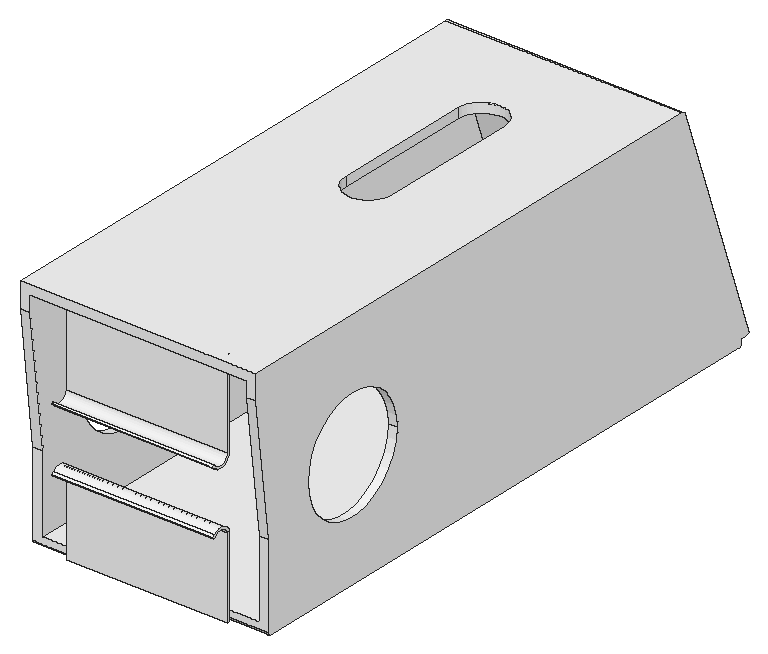
Revit family "NBS_DudleyIndustries_TltPprBulkDpnsrs_PlasmaRange_ToiletPaperDispenser", category Specialty Equipment, host Face, Revit 2016
Family settings
  Host = Face
  Part Type = Normal
  Round Connector Dimension = Use Diameter
  OmniClass Number = 23.40.20.21.21
  OmniClass Title = Toilet Paper Dispensers
  Cut with Voids When Loaded = No
  Shared = No
  Room Calculation Point = No
Parameters (values of type "PlasmaRangeToiletPaperDispenser")
  WarrantyStartDate [instance] = "1900-12-31T23:59:59"
  WarrantyGuarantorParts = "sales@dudleyindustries.com"
  WarrantyGuarantorLabor = "n/a"
  WarrantyDurationUnit = "year"
  WarrantyDurationParts = "1"
  WarrantyDurationLabor = "n/a"
  WarrantyDescription = "1 year warranty"
  Version = "2"  # constant formula
  Uniclass2015Version = "Products v1.7"
  Uniclass2015Title = "Toilet paper dispensers"
  Uniclass2015Code = "Pr_40_70_22_90"
  TagNumber [instance] = "n/a"
  SustainabilityPerformance = "n/a"
  Style = "n/a"
  Size = "126 x 330mm x 129mm"
  Shape = "n/a"
  SerialNumber [instance] = "n/a"
  Revision = "n/a"
  ReplacementCost = "n/a"
  ProductInformation = "www.dudleyindustries.com/wp-content/uploads/2016/11/2-Roll-Toilet-Paper-Dispenser.pdf"
  Operation = "Pull out"
  NominalWidth = 126 mm  # constant formula
  NominalLength = 126 mm  # constant formula
  NominalHeight = 330 mm  # constant formula
  NominalDepth = 129 mm  # constant formula
  Name = "ToiletPaperBulkDispensers_PlasmaRange_ToiletPaperDispenser_DudleyIndustries"
  NBSTypeID = "n/a"
  NBSReference = "45-35-72/366"
  NBSOfficeMasterTag = "n/a"
  NBSNote = "n/a"
  NBSDescription = "Toilet paper bulk dispensers"
  NBSCertification = "www.nationalbimlibrary.com/cert/q1kudjmj"
  ModelReference = "Plasma Range: Toilet Paper Dispenser"
  ModelNumber = "77972"
  MaterialsFinishColour = "Brushed (77972SS), Polished (77972PS), White Powder Coated (77972WH)"
  MaterialsBody = "Stainless steel"
  Material = "Stainless Steel"
  ManufacturerURL = "www.dudleyindustries.com/"
  ManufacturerName = "Dudley Industries"  # constant formula
  Manufacturer = "sales@dudleyindustries.com"
  MainColor = "Stainless Steel"
  IntegralAccessories = "n/a"
  InstallationDate [instance] = "1900-12-31T23:59:59"
  IfcExportType = "NOTDEFINED"  # constant formula
  IfcExportAs = "IfcFurnitureType"  # constant formula
  Grade = "n/a"
  Form = "Wall mounted"
  Finish = "Brushed (77972SS), Polished (77972PS), White Powder Coated (77972WH)"
  Features = "n/a"
  ExpectedLife = "5"
  EnvironmentalProductDeclaration = "n/a"
  DurationUnit = "year"
  DispenserLockMaterial = NBS_Concept
  DispenserCaseMaterial = NBS_Concept
  Description = "Stylish brushed stainless steel 2 Roll toilet paper dispenser"
  Default Elevation = 1200 mm
  Constituents = "n/a"
  Color = "Stainless steel"
  CodePerformance = "n/a"
  Category = "Pr_40_70_22_90:Toilet paper dispensers"
  BarCode [instance] = "n/a"
  BIMObjectName = "NBS_DudleyIndustries_ToiletPaperBulkDispensers_PlasmaRange_ToiletPaperDispenser"
  Author = "NBS"  # constant formula
  AssetType = "Fixed"
  AssetIdentifier [instance] = "n/a"
  AccessibilityPerformance = "n/a"
Reference planes
  plane 1 "Center (Front/Back)": y = 0
  plane 2: z = 0
  plane 3 "Center (Left/Right)": x = 0
  plane 4: y = -165
  plane 5: y = 165
  plane 6: x = -63
  plane 7: x = 63
  plane 8: z = 129
  plane 9: y = -163.146
  plane 10: through (-63, -161.002, 98.396) normal (0, 0.9925, 0.1219)
  plane 11: y = -154.572
  plane 12: through (-63, 135.612, 90.009) normal (0, 0.9455, 0.3256)
  plane 13: y = -163.146
  plane 14: through (-63, -162.017, 106.668) normal (0, 0.9925, 0.1219)
  plane 15: y = -154.572
  plane 16: through (-63, 135.806, 89.446) normal (0, 0.9455, 0.3256)
  plane 17: y = 160.228
  plane 18: z = 3.707
  plane 19: through (-63, 163.269, 4.015) normal (0, -0.3256, 0.9455)
  plane 20: z = 62.019
  plane 21: y = -98.772
  plane 22: z = 29.123
  plane 23 "Lock": through (0, 143.105, 68.248) normal (0, -0.9455, -0.3256)
  plane 24: x = -43
  plane 25: x = 43
  plane 26: x = -58
  plane 27: x = 58
  plane 28: z = 124
  plane 29: z = 5
  plane 30: through (-58, 160.288, 2.988) normal (0, -0.9455, -0.3256)
Forms (mm)
  Extrusion 1, solid, material "NBS_Concept" <- "DispenserCaseMaterial", detail levels coarse
    sketch origin (-63, 0, 0) x (0, 1, 0) y (0, 0, 1)
      loop
        line (-163.146, 129) -> (-163.146, 115.861) -> (-154.572, 46.034) -> (-154.572, 0) -> (166.605, 0) -> (122.187, 129) -> (-163.146, 129)
    from 0 to 125.8
  Extrusion 2, solid, material "NBS_Concept" <- "DispenserCaseMaterial", detail levels medium+fine
    sketch origin (-63, 0, 0) x (0, 1, 0) y (0, 0, 1)
      loop
        line (-163.146, 115.861) -> (-154.572, 46.034) -> (-154.572, 1.396)
        arc (-154.572, 1.396) -> (-154.164, 0.409) -> (-153.177, 0) r 1.396
        line (-153.177, 0) -> (158.962, 0)
        arc (158.962, 0) -> (159.857, 0.371) -> (160.228, 1.265) r 1.265
        line (160.228, 1.265) -> (160.228, 3.707) -> (162.375, 3.707) -> (165.015, 4.616) -> (122.652, 127.648)
        arc (122.652, 127.648) -> (121.921, 128.627) -> (120.756, 129) r 2.005
        line (120.756, 129) -> (-163.146, 129) -> (-163.146, 115.861)
    from 0 to 125.8
  Extrusion 3, solid, material "NBS_Concept" <- "DispenserLockMaterial", detail levels medium+fine
    sketch origin (0, 148.946, 51.286) x (0, 0.325568, -0.945519) y (1, 0, 0)
      loop
        circle (23.227, -0.156) r 10
      loop
        circle (23.522, 0) r 6.576
      loop
        line (17.815, -1.247) -> (27.497, -1.247) -> (27.497, 1.065) -> (17.815, 1.065) -> (17.815, -1.247)
    from 0 to 2
  Extrusion 4, solid, material "NBS_Concept" <- "DispenserCaseMaterial", detail levels medium+fine
    sketch origin (-43, 0, 0) x (0, 1, 0) y (0, 0, 1)
      loop
        line (-166.01, 46.272) -> (-167.06, 45.224) -> (-166.352, 44.515) -> (-165.289, 45.577)
        arc (-165.289, 45.577) -> (-160.611, 46.771) -> (-157.349, 43.21) r 4.699
        line (-157.349, 43.21) -> (-157.349, 0.293) -> (-156.356, 0.293) -> (-156.356, 43.356)
        arc (-156.356, 43.356) -> (-156.739, 44.577) -> (-157.386, 45.682) r 5.7
        arc (-157.386, 45.682) -> (-161.563, 47.957) -> (-166.01, 46.272) r 5.7
      loop
        arc (-166.141, 78.034) -> (-160.113, 76.693) -> (-156.342, 81.582) r 5.754
        line (-156.342, 81.582) -> (-156.342, 128.474) -> (-157.342, 128.474) -> (-157.342, 81.63)
        arc (-157.342, 81.63) -> (-160.474, 77.626) -> (-165.433, 78.741) r 4.754
        line (-165.433, 78.741) -> (-166.42, 79.728) -> (-167.128, 79.021) -> (-166.141, 78.034)
    from 0 to 86
  Extrusion 5, void
    sketch origin (-58, 0, 0) x (0, 1, 0) y (0, 0, 1)
      loop
        line (-163.146, 124) -> (-163.146, 115.861) -> (-154.572, 46.034) -> (-154.572, 5) -> (159.595, 5) -> (118.62, 124) -> (-163.146, 124)
    from 0 to 116
  Extrusion 6, void, detail levels medium+fine
    sketch origin (-63, 0, 0) x (0, 1, 0) y (0, 0, 1)
      loop
        circle (-98.772, 62.019) r 30
    from 0 to 126
  Extrusion 7, void, detail levels fine
    sketch origin (0, 0, 0) x (1, 0, 0) y (0, 1, 0)
      loop
        line (-12.6, 65.712) -> (-12.6, -9.288)
        arc (-12.6, -9.288) -> (-0.1, -21.788) -> (12.4, -9.288) r 12.5
        line (12.4, -9.288) -> (12.4, 65.712)
        arc (12.4, 65.712) -> (-0.1, 78.212) -> (-12.6, 65.712) r 12.5
    from 124 to 129
Cuts and joins
  Extrusion 5, Extrusion 6, Extrusion 7 cuts Extrusion 1
  Extrusion 5, Extrusion 6, Extrusion 7 cuts Extrusion 2
Lines and regions (mm)
  symbolic lines, detail levels fine
    curve 1: line (-12.6, 65.712, 0) -> (-12.6, -9.288, 0)
    curve 2: arc (-12.6, -9.288, 0) -> (-0.1, -21.788, 0) -> (12.4, -9.288, 0) r 12.5
    curve 3: line (12.4, -9.288, 0) -> (12.4, 65.712, 0)
    curve 4: arc (12.4, 65.712, 0) -> (-0.1, 78.212, 0) -> (-12.6, 65.712, 0) r 12.5
Dimensions and locks
  "NominalDepth": plane 8 to plane 2
  "NominalHeight": plane 4 to plane 5
  "NominalWidth": plane 6 to plane 7
  aligned and locked: plane 2 to host face
  aligned and locked: level to host face
  aligned and locked: Extrusion 1 sketch curve to plane 10
  aligned and locked: Extrusion 1 sketch curve to plane 12
  aligned and locked: Extrusion 1 sketch curve to plane 11
  aligned and locked: Extrusion 1 sketch curve to plane 9
  aligned and locked: Extrusion 2 sketch curve to plane 14
  aligned and locked: Extrusion 2 sketch curve to plane 13
  aligned and locked: Extrusion 2 sketch curve to plane 15
  aligned and locked: Extrusion 2 sketch curve to plane 16
  aligned and locked: Extrusion 2 sketch curve to plane 17
  aligned and locked: Extrusion 2 sketch curve to plane 19
  aligned and locked: Extrusion 2 sketch curve to plane 18
  aligned and locked: Extrusion 4 to plane 24
  aligned and locked: plane 25 to Extrusion 4
  aligned and locked: Extrusion 5 sketch curve to plane 28
  aligned and locked: Extrusion 5 sketch curve to plane 29
  aligned and locked: Extrusion 5 sketch curve to plane 30
  aligned and locked: Extrusion 5 to plane 26
  aligned and locked: plane 27 to Extrusion 5
  aligned and locked: plane 7 to Extrusion 6
  aligned and locked: Extrusion 6 to plane 6
  aligned and locked: Extrusion 3 to plane 23 "Lock"
  aligned and locked: plane 8 to Extrusion 7
  aligned and locked: Extrusion 7 to Extrusion 5
Automatic sketch dimensions
  curve 1 to plane 3 "Center (Left/Right)" = 12.6 mm
  curve 2 to plane 3 "Center (Left/Right)" = 0.1 mm
  plane 1 "Center (Front/Back)" to curve 1 = 9.288 mm
  curve 1 to plane 1 "Center (Front/Back)" = 65.712 mm
  host sketch curve to host sketch curve = 400.677 mm
  host sketch curve to host sketch curve = 439.266 mm
  Extrusion 1 sketch curve to plane 8 = 0 mm
  Extrusion 1 sketch curve to level = 0 mm
  Extrusion 2 sketch curve to level = 0 mm
  Extrusion 2 sketch curve to plane 8 = 0 mm
  plane 15 to Extrusion 2 sketch curve = 1.396 mm
  Extrusion 2 sketch curve to plane 8 = 2.005 mm
  Extrusion 2 sketch curve to plane 8 = 1.352 mm
  plane 17 to Extrusion 2 sketch curve = 1.265 mm
  Extrusion 4 sketch curve to Extrusion 4 sketch curve = 0 mm  (x5)
  plane 4 to Extrusion 4 sketch curve = 2.128 mm
  plane 4 to Extrusion 4 sketch curve = 2.06 mm
  Extrusion 4 sketch curve to Extrusion 4 sketch curve = 0.707 mm  (x2)
  Extrusion 4 sketch curve to Extrusion 4 sketch curve = 0.708 mm
  plane 4 to Extrusion 4 sketch curve = 1.141 mm
  plane 4 to Extrusion 4 sketch curve = 1.01 mm
  plane 4 to Extrusion 4 sketch curve = 0.433 mm
  plane 4 to Extrusion 4 sketch curve = 0.289 mm
  Extrusion 4 sketch curve to plane 4 = 2.928 mm
  Extrusion 4 sketch curve to plane 4 = 3.047 mm
  Extrusion 4 sketch curve to Extrusion 4 sketch curve = 0.001 mm
  level to Extrusion 4 sketch curve = 0.293 mm
  Extrusion 4 sketch curve to plane 4 = 7.651 mm
  Extrusion 4 sketch curve to plane 8 = 0.526 mm
  Extrusion 4 sketch curve to plane 4 = 7.658 mm
  Extrusion 4 sketch curve to Extrusion 4 sketch curve = 0.993 mm
  Extrusion 4 sketch curve to Extrusion 4 sketch curve = 1 mm
  plane 22 to Extrusion 4 sketch curve = 13.145 mm
  Extrusion 4 sketch curve to Extrusion 4 sketch curve = 0.002 mm
  Extrusion 4 sketch curve to Extrusion 4 sketch curve = 0.94 mm
  Extrusion 4 sketch curve to Extrusion 4 sketch curve = 0.146 mm
  Extrusion 4 sketch curve to Extrusion 4 sketch curve = 1.061 mm
  plane 20 to Extrusion 4 sketch curve = 16.016 mm
  Extrusion 4 sketch curve to Extrusion 4 sketch curve = 2.841 mm
  Extrusion 4 sketch curve to Extrusion 4 sketch curve = 0.037 mm
  Extrusion 5 sketch curve to plane 4 = 10.428 mm
  Extrusion 5 sketch curve to plane 4 = 1.854 mm
  Extrusion 5 sketch curve to plane 20 = 15.985 mm
  Extrusion 5 sketch curve to plane 28 = 8.139 mm
  Extrusion 6 sketch curve to plane 20 = 0 mm
  Extrusion 6 sketch curve to plane 21 = 0 mm
  Extrusion 3 sketch curve to plane 3 "Center (Left/Right)" = 0 mm
  plane 3 "Center (Left/Right)" to Extrusion 3 sketch curve = 1.065 mm
  Extrusion 3 sketch curve to plane 3 "Center (Left/Right)" = 0.156 mm
  Extrusion 3 sketch curve to Extrusion 3 sketch curve = 5.412 mm
  Extrusion 3 sketch curve to Extrusion 3 sketch curve = 0.296 mm
  Extrusion 3 sketch curve to plane 3 "Center (Left/Right)" = 1.247 mm
  Extrusion 3 sketch curve to Extrusion 3 sketch curve = 3.975 mm
  Extrusion 7 sketch curve to plane 3 "Center (Left/Right)" = 12.6 mm
  Extrusion 7 sketch curve to plane 3 "Center (Left/Right)" = 0.1 mm
  plane 1 "Center (Front/Back)" to Extrusion 7 sketch curve = 9.288 mm
  Extrusion 7 sketch curve to plane 1 "Center (Front/Back)" = 65.712 mm
  radius of Extrusion 6 sketch curve = 30 mm
  radius of Extrusion 3 sketch curve = 10 mm
  radius of Extrusion 3 sketch curve = 6.576 mm
